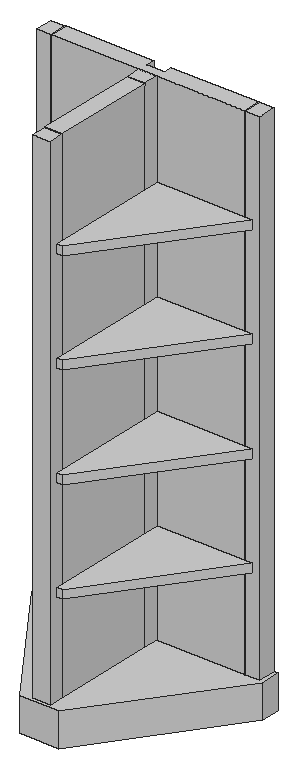
Revit family "TC3", category Specialty Equipment, Revit 2012
Parameters (values of type "Triangular End Cap (Default)")
  URL = "http://www.madixinc.com/display/maxiline.html"
  Model = "Triangular End Cap"
  Manufacturer = "© 2012 Madix, Inc. All rights reserved."
  Height = 7' - 0"
  Depth = 3' - 0"
  1' 10" Shelves [instance] = yes
  3' 2" Shelves [instance] = yes
  4' 6" Shelves [instance] = yes
  5' 10" Shelves [instance] = yes
Reference planes (in)
  plane 1 "Center (Front/Back)": y = 0
  plane 2: z = 0
  plane 3 "Center (Left/Right)": x = 0
  plane 4: x = -18
  plane 5: x = 18
  plane 6: y = 12
  plane 7: y = -12
  plane 8: y = 9
  plane 9: z = 5.25
  plane 10: z = 21.25
  plane 11: z = 37.25
  plane 12: z = 53.25
  plane 13: z = 69.25
  plane 14: y = 9.125
  plane 15: z = 19.875
  plane 16: z = 35.875
  plane 17: z = 51.875
  plane 18: z = 67.875
  plane 19: z = 84
Forms (in)
  Extrusion 1, solid, material "Metal - Steel"
    sketch origin (0, 0, 0) x (1, 0, 0) y (0, 1, 0)
      loop
        line (-18, 12) -> (-18, 9) -> (-3, -12) -> (3, -12) -> (18, 9) -> (18, 12) -> (1.375, 12) -> (1.375, 10.75) -> (-1.375, 10.75) -> (-1.375, 12) -> (-18, 12)
    from 0 to 5.25
  Extrusion 2, solid, material "Metal - Steel"
    sketch origin (0, 0, 0) x (1, 0, 0) y (0, 1, 0)
      loop
        line (-17.375, 12) -> (-17.375, 9.25) -> (-15.125, 9.25) -> (-15.125, 12) -> (-17.375, 12)
      loop
        line (-15.09375, 12) -> (-15.09375, 9.25) -> (15.09375, 9.25) -> (15.09375, 12) -> (1.375, 12) -> (1.375, 10.75) -> (-1.375, 10.75) -> (-1.375, 12) -> (-15.09375, 12)
      loop
        line (17.375, 12) -> (15.125, 12) -> (15.125, 9.25) -> (17.375, 9.25) -> (17.375, 12)
      loop
        line (-1.375, 9.21875) -> (-1.375, 6.96875) -> (1.375, 6.96875) -> (1.375, 9.21875) -> (-1.375, 9.21875)
      loop
        line (-1.375, -9.25) -> (-1.375, -11.5) -> (1.375, -11.5) -> (1.375, -9.25) -> (-1.375, -9.25)
      loop
        line (-1.375, 6.9375) -> (-1.375, -9.21875) -> (1.375, -9.21875) -> (1.375, 6.9375) -> (-1.375, 6.9375)
    from 5.25 to 84
  Extrusion 3, solid, material "Metal - Steel", visible <- "1' 10" Shelves"
    sketch origin (0, 0.18101, 0) x (-1, 0, 0) y (0, -1, 0)
      loop
        line (-1.375, 10.55601) -> (-2.32143, 10.55601) -> (-16.25, -8.94399) -> (-1.375, -8.94399) -> (-1.375, 10.55601)
    from 19.875 to 21.25
  Extrusion 4, solid, material "Metal - Steel", visible <- "1' 10" Shelves"
    sketch origin (0, 0.18101, 0) x (1, 0, 0) y (0, 1, 0)
      loop
        line (-1.375, -10.55601) -> (-1.375, 8.94399) -> (-16.25, 8.94399) -> (-2.32143, -10.55601) -> (-1.375, -10.55601)
    from 19.875 to 21.25
  Extrusion 5, solid, material "Metal - Steel", visible <- "3' 2" Shelves"
    sketch origin (0, 0.18101, 42.5) x (0, -1, 0) y (1, 0, 0)
      loop
        line (10.55601, -1.375) -> (-8.94399, -1.375) -> (-8.94399, -16.25) -> (10.55601, -2.32143) -> (10.55601, -1.375)
    from -6.625 to -5.25
  Extrusion 6, solid, material "Metal - Steel", visible <- "3' 2" Shelves"
    sketch origin (0, 0.18101, 42.5) x (0, 1, 0) y (-1, 0, 0)
      loop
        line (-10.55601, -1.375) -> (-10.55601, -2.32143) -> (8.94399, -16.25) -> (8.94399, -1.375) -> (-10.55601, -1.375)
    from -6.625 to -5.25
  Extrusion 7, solid, material "Metal - Steel", visible <- "4' 6" Shelves"
    sketch origin (0, 0.18101, 32) x (-1, 0, 0) y (0, -1, 0)
      loop
        line (-1.375, 10.55601) -> (-2.32143, 10.55601) -> (-16.25, -8.94399) -> (-1.375, -8.94399) -> (-1.375, 10.55601)
    from 19.875 to 21.25
  Extrusion 8, solid, material "Metal - Steel", visible <- "4' 6" Shelves"
    sketch origin (0, 0.18101, 32) x (1, 0, 0) y (0, 1, 0)
      loop
        line (-1.375, -10.55601) -> (-1.375, 8.94399) -> (-16.25, 8.94399) -> (-2.32143, -10.55601) -> (-1.375, -10.55601)
    from 19.875 to 21.25
  Extrusion 9, solid, material "Metal - Steel", visible <- "5' 10" Shelves"
    sketch origin (0, 0.18101, 74.5) x (0, -1, 0) y (1, 0, 0)
      loop
        line (10.55601, -1.375) -> (-8.94399, -1.375) -> (-8.94399, -16.25) -> (10.55601, -2.32143) -> (10.55601, -1.375)
    from -6.625 to -5.25
  Extrusion 10, solid, material "Metal - Steel", visible <- "5' 10" Shelves"
    sketch origin (0, 0.18101, 74.5) x (0, 1, 0) y (-1, 0, 0)
      loop
        line (-10.55601, -1.375) -> (-10.55601, -2.32143) -> (8.94399, -16.25) -> (8.94399, -1.375) -> (-10.55601, -1.375)
    from -6.625 to -5.25
Dimensions and locks (in)
  equal spacing: plane 4, plane 3 "Center (Left/Right)", plane 5
  "Depth": plane 4 to plane 5
  locked: plane 6 to plane 8 at 3
  "Height": plane 19 to level
  aligned and locked: level to plane 2
  aligned and locked: plane 8 to Extrusion 1
  aligned and locked: plane 19 to Extrusion 2
Automatic sketch dimensions
  Extrusion 1 sketch curve to plane 4 = 0' - 0"
  plane 7 to Extrusion 1 sketch curve = 0' - 0"
  Extrusion 1 sketch curve to plane 6 = 0' - 0"  (x2)
  Extrusion 1 sketch curve to plane 5 = 0' - 0"
  plane 8 to Extrusion 1 sketch curve = 0' - 0"  (x2)
  Extrusion 1 sketch curve to plane 3 "Center (Left/Right)" = 0' - 3"
  Extrusion 1 sketch curve to plane 3 "Center (Left/Right)" = 0' - 1 3/8"
  plane 3 "Center (Left/Right)" to Extrusion 1 sketch curve = 0' - 1 3/8"
  plane 3 "Center (Left/Right)" to Extrusion 1 sketch curve = 0' - 3"
  Extrusion 1 sketch curve to plane 6 = 0' - 1 1/4"
  Extrusion 2 sketch curve to plane 6 = 0' - 0"  (x4)
  plane 14 to Extrusion 2 sketch curve = 0' - 0 1/8"  (x2)
  plane 4 to Extrusion 2 sketch curve = 0' - 0 5/8"
  Extrusion 2 sketch curve to Extrusion 2 sketch curve = 0' - 2 1/4"  (x2)
  Extrusion 2 sketch curve to Extrusion 2 sketch curve = 0' - 0 1/32"  (x4)
  Extrusion 2 sketch curve to plane 3 "Center (Left/Right)" = 0' - 1 3/8"  (x3)
  plane 14 to Extrusion 2 sketch curve = 0' - 0 3/32"
  Extrusion 2 sketch curve to Extrusion 2 sketch curve = 0' - 0"  (x3)
  plane 3 "Center (Left/Right)" to Extrusion 2 sketch curve = 0' - 1 3/8"  (x3)
  Extrusion 2 sketch curve to plane 7 = 0' - 0 1/2"
  plane 5 to Extrusion 2 sketch curve = 0' - 2 29/32"
  plane 5 to Extrusion 2 sketch curve = 0' - 0 5/8"
  plane 8 to Extrusion 2 sketch curve = 0' - 2 1/16"
  Extrusion 2 sketch curve to plane 6 = 0' - 1 1/4"
  Extrusion 3 sketch curve to plane 14 = 0' - 0"
  Extrusion 3 sketch curve to plane 5 = 0' - 1 3/4"
  Extrusion 3 sketch curve to plane 3 "Center (Left/Right)" = 0' - 2.32143"
  Extrusion 3 sketch curve to plane 3 "Center (Left/Right)" = 0' - 1 3/8"
  plane 7 to Extrusion 3 sketch curve = 0' - 1 5/8"
  Extrusion 4 sketch curve to plane 14 = 0' - 0"
  plane 4 to Extrusion 4 sketch curve = 0' - 1 3/4"
  Extrusion 4 sketch curve to plane 3 "Center (Left/Right)" = 0' - 2.32143"
  Extrusion 4 sketch curve to plane 3 "Center (Left/Right)" = 0' - 1 3/8"
  Extrusion 4 sketch curve to plane 7 = 0' - 1 5/8"
  Extrusion 5 sketch curve to plane 14 = 0' - 0"
  Extrusion 5 sketch curve to plane 7 = 0' - 1 5/8"
  plane 4 to Extrusion 5 sketch curve = 0' - 1 3/4"
  Extrusion 5 sketch curve to plane 3 "Center (Left/Right)" = 0' - 2.32143"
  Extrusion 5 sketch curve to plane 3 "Center (Left/Right)" = 0' - 1 3/8"
  Extrusion 6 sketch curve to plane 14 = 0' - 0"
  Extrusion 6 sketch curve to plane 7 = 0' - 1 5/8"
  plane 5 to Extrusion 6 sketch curve = 0' - 1 3/4"
  plane 3 "Center (Left/Right)" to Extrusion 6 sketch curve = 0' - 2.32143"
  plane 3 "Center (Left/Right)" to Extrusion 6 sketch curve = 0' - 1 3/8"
  Extrusion 7 sketch curve to plane 14 = 0' - 0"
  plane 5 to Extrusion 7 sketch curve = 0' - 1 3/4"
  plane 3 "Center (Left/Right)" to Extrusion 7 sketch curve = 0' - 2.32143"
  plane 3 "Center (Left/Right)" to Extrusion 7 sketch curve = 0' - 1 3/8"
  Extrusion 7 sketch curve to plane 7 = 0' - 1 5/8"
  Extrusion 8 sketch curve to plane 14 = 0' - 0"
  plane 4 to Extrusion 8 sketch curve = 0' - 1 3/4"
  Extrusion 8 sketch curve to plane 3 "Center (Left/Right)" = 0' - 2.32143"
  Extrusion 8 sketch curve to plane 3 "Center (Left/Right)" = 0' - 1 3/8"
  Extrusion 8 sketch curve to plane 7 = 0' - 1 5/8"
  Extrusion 9 sketch curve to plane 14 = 0' - 0"
  Extrusion 9 sketch curve to plane 7 = 0' - 1 5/8"
  plane 4 to Extrusion 9 sketch curve = 0' - 1 3/4"
  Extrusion 9 sketch curve to plane 3 "Center (Left/Right)" = 0' - 2.32143"
  Extrusion 9 sketch curve to plane 3 "Center (Left/Right)" = 0' - 1 3/8"
  Extrusion 10 sketch curve to plane 14 = 0' - 0"
  Extrusion 10 sketch curve to plane 7 = 0' - 1 5/8"
  plane 5 to Extrusion 10 sketch curve = 0' - 1 3/4"
  plane 3 "Center (Left/Right)" to Extrusion 10 sketch curve = 0' - 2.32143"
  plane 3 "Center (Left/Right)" to Extrusion 10 sketch curve = 0' - 1 3/8"
